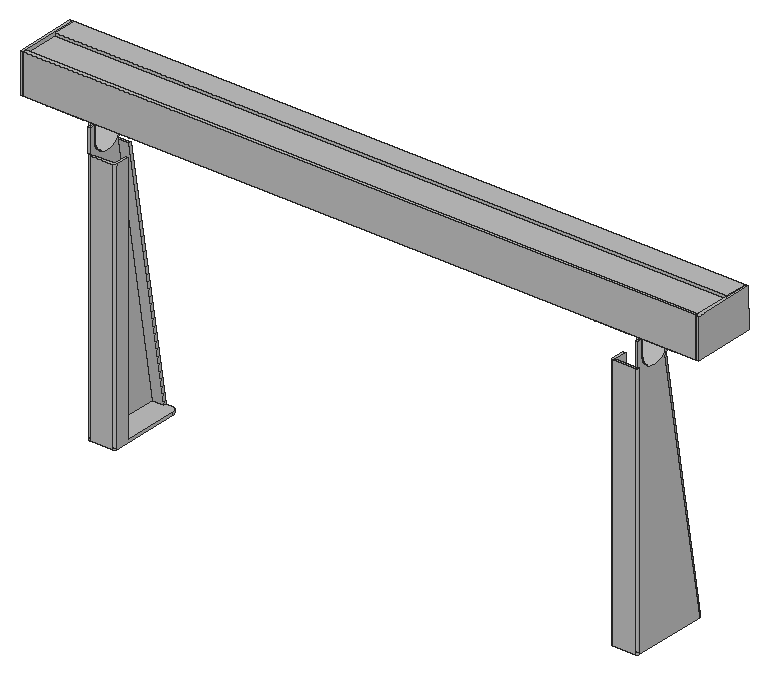
Revit family "4070748+4070747+4070772 Feilo Sylvania Lighting Fixtures CURSUS 591MM 385LM WIDE LED 4K with SINGLE WALL HOUSING with 250MM WALL BRACKET", category Lighting Fixtures, host Face, Revit 2017
Family settings
  Host = Face
  Round Connector Dimension = Use Diameter
  Part Type = Normal
  OmniClass Number = 23.80.70.14
  OmniClass Title = Luminaries for External Lighting
  Cut with Voids When Loaded = Yes
  Light Source = No
  Shared = No
  Room Calculation Point = No
Parameters (values of type "4070748 CURSUS 591MM 385LM WIDE LED 4K")
  Weight = "1.2 kg"
  Wattage Comments = "n/a"
  WarrantyStartDate [instance] = "n/a"
  WarrantyGuarantorParts = "n/a"
  WarrantyDurationUnit = "n/a"
  WarrantyDurationParts = "n/a"
  WarrantyDescription = "n/a"
  Voltage = 24 V
  URL = "http://www.sylvania-lighting.com"
  TypeName = "CURSUS 591MM 385LM WIDE LED 4K"
  TypeFixture_FEILO = CURSUS with SINGLE WALL HOUSING : CURSUS 591MM 385LM WIDE LED 4K
  Type Image = <None>
  Type Comments = "n/a"
  TiltAngle [instance] = 0.00°
  StartAngle [instance] = TiltAngle + 270.00°  # 270.00°
  SerialNumber [instance] = "n/a"
  ReflectorMaterial = none
  PowerFactor = 0
  PowerConsumption = "9 W"
  NominalLength = 591 mm
  NominalHeight = 50 mm
  NominalDepth = 30 mm
  Name = "CURSUS 591MM 385LM WIDE LED 4K"
  ModelReference = Name  # "CURSUS 591MM 385LM WIDE LED 4K"
  ModelNumber = "4070748"
  Model = Name  # "CURSUS 591MM 385LM WIDE LED 4K"
  Material = "natural anodised extruded aluminium structure housing"
  ManufacturerName = "Feilo Sylvania"
  Manufacturer = "Feilo Sylvania"
  LuminousEfficacy = "42.77 lm/W"
  LuminaireType = ""
  LightOutputRatio = "100"
  LampsType = Lamp  # "LED"
  LampNominalLuminous = "385 lm"
  LampMacAdamStep = "n/a"
  LampColourTemperature = "4000 K"
  LampColourRenderingIndex = "80"
  Lamp = "LED"
  Keynote = "16500"
  InstallationDate [instance] = "n/a"
  InputVoltage = "24V DC"
  InputNominalFrequency = "n/a"
  IngressProtection = "IP67"
  ImpactProtectionIndex = "IK07"
  IfcExportType = "IfcLightFixtureType"
  IfcExportAs = "IfcLightFixtureType"
  ExpectedLife = 50000
  EndAngle [instance] = StartAngle - 180.00°  # 90.00°
  ElectricShockClassification = "Class III"
  DurationUnit = "hours"
  DocumentationLiterature = "http://www.sylvania-lighting.com/product/en-int/products/4070748"
  DimmingControlOptions = "n/a"
  DiffuserMaterial = Diffuser-Sylvania-Glow
  Description = "LED Exterior Lighting Recessed Surface Mounted Linear Fixture, Natural anodised extruded aluminium structure. Die-cast aluminium end caps. Installation kit with harmonic steel springs., 385 lm, 9W,  42lm/W, 4000K, CRI80+,non dimmable,IP67, IK07, (HxWxD) 591x50x30mm, 3 step Mac Adam Ellipse, 1.2kg,, Classe III, 21-25V-DC, energy class : A++, A+, A"
  Default Elevation = 1219.2 mm
  CreatedOn = "1/8/2018"
  CreatedBy = ""
  Cost = 0
  built-in parameter 1114216 [instance] = (empty or 0)
  ClassificationValue = "EF_70_80"
  ClassificationName = "Uniclass2015"
  BracketWidth = 24 mm
  BracketThickness = 2 mm
  BracketHeightEnd = 32 mm
  BracketHeight = 70 mm
  BracketFlange = BracketHeight / 5  # 14 mm
  BracketExtension = 250 mm
  BracketEndReduction = 25 mm
  BracketC = 22 mm  # constant formula
  BracketDistance = 460 mm
  BracketD = BracketHeightEnd - (BracketC * (BracketHeight - BracketHeightEnd) / (BracketExtension - BracketEndReduction))  # 28.284 mm
  BodyMaterial = Body-Sylvania-Gray
  BarCode [instance] = "n/a"
  AssetType = "Fixed"
  AssetIdentifier [instance] = "n/a"
  Assembly Code = "D5020200"
  Apparent Load = 9 VA
  AccessoryMaterial = Diffuser-Sylvania-Glow
Reference planes
  plane 1 "Center (Front/Back)": y = 0
  plane 2: z = 0
  plane 3 "Center (Left/Right)": x = 0
  plane 4: x = -242
  plane 5: x = 242
  plane 6: y = 70
  plane 7: x = -218
  plane 8: x = 218
  plane 9: z = 250
  plane 10: z = 236
  plane 11: z = 2
  plane 12: z = 225
  plane 13: x = -240
  plane 14: y = 68
  plane 15: y = 2
  plane 16: x = -220
  plane 17: x = 220
  plane 18: x = 240
  plane 19: x = -230
  plane 20: x = 230
  plane 21: y = 14
  plane 22: y = 32
  plane 23: y = 30
  plane 24: z = 247
  plane 25: y = 28.284
  plane 26: y = 16
Forms (mm)
  Blend 1, solid, material "Body-Sylvania-Gray" <- "BodyMaterial"
    base sketch origin (1223.4, -4572, 2) x (0, -1, 0) y (1, 0, 0)
      loop
        line (-4640, -1453.4) -> (-4642, -1453.4) -> (-4642, -1463.4)
        arc (-4642, -1463.4) -> (-4641.414, -1464.814) -> (-4640, -1465.4) r 2
        line (-4640, -1465.4) -> (-4574, -1465.4)
        arc (-4574, -1465.4) -> (-4572.586, -1464.814) -> (-4572, -1463.4) r 2
        line (-4572, -1463.4) -> (-4572, -1443.4)
        arc (-4572, -1443.4) -> (-4572.586, -1441.986) -> (-4574, -1441.4) r 2
        line (-4574, -1441.4) -> (-4586, -1441.4) -> (-4586, -1443.4) -> (-4574, -1443.4) -> (-4574, -1463.4) -> (-4640, -1463.4) -> (-4640, -1453.4)
    top sketch origin (1223.4, -4572, 2) x (0, -1, 0) y (1, 0, 0)
      loop
        line (-4586, -1443.4) -> (-4574, -1443.4) -> (-4574, -1463.4) -> (-4602, -1463.4) -> (-4602, -1453.4) -> (-4604, -1453.4) -> (-4604, -1463.4)
        arc (-4604, -1463.4) -> (-4603.52, -1464.71) -> (-4602.309, -1465.4) r 2.028
        line (-4602.309, -1465.4) -> (-4574, -1465.4)
        arc (-4574, -1465.4) -> (-4572.586, -1464.814) -> (-4572, -1463.4) r 2
        line (-4572, -1463.4) -> (-4572, -1443.4)
        arc (-4572, -1443.4) -> (-4572.586, -1441.986) -> (-4574, -1441.4) r 2
        line (-4574, -1441.4) -> (-4586, -1441.4) -> (-4586, -1443.4)
    from 0 to 223
  Extrusion 2, solid, material "Body-Sylvania-Gray" <- "BodyMaterial"
    sketch origin (0, 0, 0) x (1, 0, 0) y (0, 1, 0)
      loop
        arc (-240, 70) -> (-241.414, 69.414) -> (-242, 68) r 2
        line (-242, 68) -> (-242, 2)
        arc (-242, 2) -> (-241.414, 0.586) -> (-240, 0) r 2
        line (-240, 0) -> (-220, 0)
        arc (-220, 0) -> (-218.586, 0.586) -> (-218, 2) r 2
        line (-218, 2) -> (-218, 62.5)
        arc (-218, 62.5) -> (-220.197, 67.803) -> (-225.5, 70) r 7.5
        line (-225.5, 70) -> (-240, 70)
      loop
        line (240, 70) -> (225.5, 70)
        arc (225.5, 70) -> (220.197, 67.803) -> (218, 62.5) r 7.5
        line (218, 62.5) -> (218, 2)
        arc (218, 2) -> (218.586, 0.586) -> (220, 0) r 2
        line (220, 0) -> (240, 0)
        arc (240, 0) -> (241.414, 0.586) -> (242, 2) r 2
        line (242, 2) -> (242, 68)
        arc (242, 68) -> (241.414, 69.414) -> (240, 70) r 2
    from 0 to 2
  Blend 3, solid, material "Body-Sylvania-Gray" <- "BodyMaterial"
    base sketch origin (1223.4, -4572, 2) x (0, -1, 0) y (1, 0, 0)
      loop
        line (-4640, -983.4) -> (-4574, -983.4) -> (-4574, -1003.4) -> (-4586, -1003.4) -> (-4586, -1005.4) -> (-4574, -1005.4)
        arc (-4574, -1005.4) -> (-4572.586, -1004.814) -> (-4572, -1003.4) r 2
        line (-4572, -1003.4) -> (-4572, -983.4)
        arc (-4572, -983.4) -> (-4572.586, -981.986) -> (-4574, -981.4) r 2
        line (-4574, -981.4) -> (-4640, -981.4)
        arc (-4640, -981.4) -> (-4641.414, -981.986) -> (-4642, -983.4) r 2
        line (-4642, -983.4) -> (-4642, -993.4) -> (-4640, -993.4) -> (-4640, -983.4)
    top sketch origin (1223.4, -4572, 2) x (0, -1, 0) y (1, 0, 0)
      loop
        line (-4602, -993.4) -> (-4602, -983.4) -> (-4574, -983.4) -> (-4574, -1003.4) -> (-4586, -1003.4) -> (-4586, -1005.4) -> (-4574, -1005.4)
        arc (-4574, -1005.4) -> (-4572.586, -1004.814) -> (-4572, -1003.4) r 2
        line (-4572, -1003.4) -> (-4572, -983.4)
        arc (-4572, -983.4) -> (-4572.586, -981.986) -> (-4574, -981.4) r 2
        line (-4574, -981.4) -> (-4602, -981.4)
        arc (-4602, -981.4) -> (-4603.414, -981.986) -> (-4604, -983.4) r 2
        line (-4604, -983.4) -> (-4604, -993.4) -> (-4602, -993.4)
    from 0 to 223
  Blend 4, solid, material "Body-Sylvania-Gray" <- "BodyMaterial"
    base sketch origin (1223.4, -4572, 225) x (0, -1, 0) y (1, 0, 0)
      loop
        line (-4604, -1465.4) -> (-4572, -1465.4) -> (-4572, -1463.4) -> (-4604, -1463.4) -> (-4604, -1465.4)
    top sketch origin (1223.4, -4572, 225) x (0, -1, 0) y (1, 0, 0)
      loop
        line (-4572, -1465.4) -> (-4572, -1463.4) -> (-4600.284, -1463.4) -> (-4600.284, -1465.4) -> (-4572, -1465.4)
    from 0 to 22
  Blend 5, solid, material "Body-Sylvania-Gray" <- "BodyMaterial"
    base sketch origin (1223.4, -4572, 225) x (0, -1, 0) y (1, 0, 0)
      loop
        line (-4604, -983.4) -> (-4572, -983.4) -> (-4572, -981.4) -> (-4604, -981.4) -> (-4604, -983.4)
    top sketch origin (1223.4, -4572, 225) x (0, -1, 0) y (1, 0, 0)
      loop
        line (-4572, -981.4) -> (-4600.284, -981.4) -> (-4600.284, -983.4) -> (-4572, -983.4) -> (-4572, -981.4)
    from 0 to 22
  Extrusion 6, void
    sketch origin (0, 0, 0) x (0, 1, 0) y (0, 0, 1)
      loop
        line (0, 225) -> (2, 225) -> (2, 226.5) -> (0, 226.5) -> (0, 225)
      loop
        line (32, 225) -> (32, 226.5) -> (30, 226.5) -> (30, 225) -> (32, 225)
    from -242 to 242
  Revolve 7, solid, not visible
    sketch origin (1524, 16, 1219.2) x (1, 0, 0) y (0, 0, 1)
      loop
        line (-1524, -972.2) -> (-1524, -983.2) -> (-1294, -983.2) -> (-1294, -972.2) -> (-1524, -972.2)
      axis (-1294, -983.2) -> (-1524, -983.2)
    angle from 270 <- "StartAngle" to 90 <- "EndAngle"
Cuts and joins
  Extrusion 6 cuts Blend 4
  Extrusion 6 cuts Blend 5
  joined: Blend 1, Extrusion 2, Blend 3, Blend 4, Blend 5
Lines and regions (mm)
  reference lines, not visible
    curve 1: line (-218, 16, 236) -> (218, 16, 236)
Dimensions and locks
  equal spacing: plane 4, plane 3 "Center (Left/Right)", plane 5
  "BracketDistance": plane 19 to plane 20
  "BracketHeight": plane 1 "Center (Front/Back)" to plane 6
  equal spacing: plane 7, plane 3 "Center (Left/Right)", plane 8
  "BracketWidth": plane 4 to plane 7
  "BracketExtension": plane 9 to plane 2
  "BracketThickness": plane 11 to plane 2
  "BracketEndReduction": plane 9 to plane 12
  equal spacing: plane 13, plane 3 "Center (Left/Right)", plane 18
  equal spacing: plane 16, plane 3 "Center (Left/Right)", plane 17
  "BracketThickness": plane 4 to plane 13
  "BracketThickness": plane 16 to plane 7
  "BracketThickness": plane 14 to plane 6
  "BracketThickness": plane 1 "Center (Front/Back)" to plane 15
  equal spacing: plane 4, plane 19, plane 7
  equal spacing: plane 8, plane 20, plane 5
  "BracketFlange": plane 1 "Center (Front/Back)" to plane 21
  "BracketHeightEnd": plane 1 "Center (Front/Back)" to plane 22
  "BracketThickness": plane 23 to plane 22
  locked: Extrusion 2 sketch curve to plane 7 at 7.5
  locked: Extrusion 2 sketch curve to plane 6 at 7.5  (x2)
  locked: plane 8 to Extrusion 2 sketch curve at 7.5
  "BracketC": plane 24 to plane 12
  "BracketD": plane 1 "Center (Front/Back)" to plane 25
  locked: plane 12 to Extrusion 6 sketch curve at 1.5
  equal spacing: plane 24, plane 10, plane 12
  equal spacing: plane 1 "Center (Front/Back)", plane 26, plane 22
  aligned and locked: plane 2 to host face
  aligned and locked: level to host face
  aligned and locked: plane 4 to Blend 1 sketch curve  (x2)
  aligned and locked: plane 13 to Blend 1 sketch curve  (x3)
  aligned and locked: Blend 1 sketch curve to plane 15
  aligned and locked: Blend 1 sketch curve to plane 16
  aligned and locked: Blend 1 sketch curve to plane 21
  aligned and locked: plane 7 to Blend 1 sketch curve
  aligned and locked: plane 16 to Blend 1 sketch curve
  aligned and locked: plane 1 "Center (Front/Back)" to Blend 1 sketch curve
  aligned and locked: plane 14 to Blend 1 sketch curve
  aligned and locked: Blend 1 sketch curve to var sketch  (x6)
  aligned and locked: Blend 1 sketch curve to plane 19
  aligned and locked: Blend 1 sketch curve to plane 22
  aligned and locked: plane 23 to Blend 1 sketch curve
  aligned and locked: plane 11 to Blend 1
  aligned and locked: Extrusion 2 sketch curve to Blend 1  (x3)
  aligned and locked: Extrusion 2 to level
  aligned and locked: Extrusion 2 to plane 11
  aligned and locked: Extrusion 2 sketch curve to plane 7
  aligned and locked: plane 18 to Blend 3 sketch curve  (x4)
  aligned and locked: plane 14 to Blend 3 sketch curve  (x2)
  aligned and locked: Blend 3 sketch curve to plane 20
  aligned and locked: Blend 3 sketch curve to plane 6
  aligned and locked: plane 5 to Blend 3 sketch curve
  aligned and locked: plane 1 "Center (Front/Back)" to Blend 3 sketch curve
  aligned and locked: plane 15 to Blend 3 sketch curve  (x2)
  aligned and locked: Blend 3 sketch curve to plane 8
  aligned and locked: Blend 3 sketch curve to plane 21
  aligned and locked: plane 17 to Blend 3 sketch curve
  aligned and locked: Blend 3 sketch curve to plane 18
  aligned and locked: plane 20 to Blend 3 sketch curve  (x2)
  aligned and locked: Blend 3 sketch curve to plane 23
  aligned and locked: Blend 3 sketch curve to var sketch  (x8)
  aligned and locked: var sketch to Blend 3 sketch curve
  aligned and locked: plane 22 to Blend 3 sketch curve
  aligned and locked: plane 11 to Blend 3
  aligned and locked: Extrusion 2 sketch curve to Blend 3  (x4)
  aligned and locked: Blend 1 to plane 12
  aligned and locked: Blend 3 to plane 12
  aligned and locked: Blend 4 sketch curve to plane 22
  aligned and locked: Blend 4 sketch curve to cut or joined group of Blend 1, Extrusion 2, Blend 3, Blend 4, Blend 5, Extrusion 6  (x2)
  aligned and locked: cut or joined group of Blend 1, Extrusion 2, Blend 3, Blend 4, Blend 5, Extrusion 6 to Blend 4 sketch curve
  aligned and locked: Blend 4 sketch curve to var sketch  (x2)
  aligned and locked: Blend 4 sketch curve to plane 13
  aligned and locked: Blend 4 to plane 24
  aligned and locked: Blend 4 sketch curve to plane 25
  aligned and locked: Blend 5 sketch curve to plane 18  (x2)
  aligned and locked: plane 1 "Center (Front/Back)" to Blend 5 sketch curve
  aligned and locked: plane 5 to Blend 5 sketch curve
  aligned and locked: plane 22 to Blend 5 sketch curve
  aligned and locked: Blend 5 sketch curve to var sketch
  aligned and locked: var sketch to Blend 5 sketch curve
  aligned and locked: Blend 5 sketch curve to plane 25
  aligned and locked: Blend 5 to plane 24
  aligned and locked: plane 12 to Blend 5
  aligned and locked: Extrusion 6 sketch curve to cut or joined group of Blend 1, Extrusion 2, Blend 3, Blend 4, Blend 5, Extrusion 6  (x2)
  aligned and locked: Extrusion 6 sketch curve to Extrusion 6 sketch curve
  aligned and locked: Extrusion 6 sketch curve to plane 15
  aligned and locked: plane 5 to Extrusion 6
  aligned and locked: Extrusion 6 to plane 4
  aligned and locked: Extrusion 6 sketch curve to plane 23
  aligned and locked: Revolve 7 sketch curve to plane 10  (x2)
  aligned and locked: plane 24 to Revolve 7 sketch curve
  aligned and locked: plane 3 "Center (Left/Right)" to Revolve 7 sketch curve
  aligned and locked: Revolve 7 sketch curve to plane 20
  aligned and locked: plane 7 to curve 1
  aligned and locked: plane 10 to curve 1
  aligned and locked: nested 1 to plane 5
  aligned and locked: nested 2 to plane 4
  aligned and locked: nested 1 to curve 1
  aligned and locked: nested 2 to curve 1
  aligned and locked: nested 1 to nested 3
  aligned and locked: nested 3 to plane 3 "Center (Left/Right)"
Automatic sketch dimensions
  host sketch curve to host sketch curve = 2438.4 mm  (x2)
  Blend 1 sketch curve to plane 13 = 0 mm
  plane 15 to Blend 1 sketch curve = 0 mm  (x3)
  Blend 1 sketch curve to plane 23 = 0.309 mm
  plane 6 to Blend 1 sketch curve = 0 mm
  plane 14 to Blend 1 sketch curve = 0 mm
  Blend 1 sketch curve to plane 19 = 0 mm
  Blend 3 sketch curve to plane 17 = 0 mm
  Extrusion 6 sketch curve to plane 1 "Center (Front/Back)" = 0 mm
  plane 12 to Extrusion 6 sketch curve = 0 mm
  Revolve 7 sketch curve to plane 4 = 1153 mm
  plane 5 to Revolve 7 sketch curve = 1161.4 mm
  curve 1 to plane 8 = 0 mm
Nested families
  nested 1: "MountingPlate" at (241, 16, 236) x (-1, 0, 0) z (0, 0, 1), type "MountingPlate"
  nested 2: "MountingPlate" at (-241, 16, 236) x (-1, 0, 0) z (0, 0, 1), type "MountingPlate"
  nested 3: "CURSUS with SINGLE WALL HOUSING" at (0, -4, 254) x (-1, 0, 0) z (0, 0, 1), type <- "TypeFixture_FEILO", type "CURSUS 591MM 385LM WIDE LED 4K"
    with WarrantyStartDate "n/a", SerialNumber "n/a", InstallationDate "n/a", EndCapRight yes, EndCapLeft yes, built-in parameter 1114216 (empty or 0), BarCode "n/a", AssetIdentifier "n/a"
Connectors
  electrical at (0, 0, 0), driven by "Voltage", driven by "Apparent Load", driven by "PowerFactor"
    settings: index 1, voltage 24 V, apparent load 9 VA, apparent load phase1 0 VA, apparent load phase2 0 VA, apparent load phase3 0 VA, power factor 0, load classification "Other", number of poles 1, system type 30, power factor state 1, is connector primary yes, connector utility no, sub classification motor no, connector description ""
Definition of nested family "MountingPlate"
  Parameters (values of type "MountingPlate")
    URL = "http://www.feilosylvania.com"
    Type Comments = "n/a"
    ReflectorMaterial = none
    MountingPlateWidth = 76 mm
    MountingPlateThickness = 2 mm
    MountingPlateRadiusBack = 12 mm
    MountingPlateRadius = 3 mm
    MountingPlateHeight = 35 mm
    Model = "n/a"
    Manufacturer = "Feilo Sylvania"
    Keynote = "n/a"
    DiffuserMaterial = none
    Description = "n/a"
    Default Elevation = 1219.2 mm
    Cost = 0
    BodyMaterial = none
    Assembly Code = "n/a"
    AccessoryMaterial = none
  Reference planes
    plane 1 "Center (Front/Back)": y = 0
    plane 2: z = 0
    plane 3 "Center (Left/Right)": x = 0
    plane 4: x = -38
    plane 5: x = 38
    plane 6: y = 17.5
    plane 7: y = -17.5
    plane 8: x = -3
    plane 9: x = 3
    plane 10: z = 18
    plane 11: z = 16
    plane 12: y = 12.5
    plane 13: y = -12.5
    plane 14: x = -1
    plane 15: x = 1
    plane 16: z = -12.5
    plane 17: z = -14.5
  Forms (mm)
    Extrusion 1, solid
      sketch origin (1.653, 0, 0) x (1, 0, 0) y (0, 1, 0)
        loop
          line (-1219.2, 1219.2) -> (-1219.2, -1219.2) -> (1219.2, -1219.2) -> (1219.2, 1219.2) -> (-1219.2, 1219.2)
      from 0 to -304.8
    Extrusion 2, solid, material <- "BodyMaterial"
      sketch origin (1218.4, -4572, 16) x (0, -1, 0) y (-1, 0, 0)
        loop
          line (-4589.5, 1253.4) -> (-4589.5, 1224.4)
          arc (-4589.5, 1224.4) -> (-4588.621, 1222.279) -> (-4586.5, 1221.4) r 3
          line (-4586.5, 1221.4) -> (-4557.5, 1221.4)
          arc (-4557.5, 1221.4) -> (-4555.379, 1222.279) -> (-4554.5, 1224.4) r 3
          line (-4554.5, 1224.4) -> (-4554.5, 1253.4)
          arc (-4554.5, 1253.4) -> (-4555.379, 1255.521) -> (-4557.5, 1256.4) r 3
          line (-4557.5, 1256.4) -> (-4586.5, 1256.4)
          arc (-4586.5, 1256.4) -> (-4588.621, 1255.521) -> (-4589.5, 1253.4) r 3
        loop
          arc (-4589.5, 1183.4) -> (-4588.621, 1181.279) -> (-4586.5, 1180.4) r 3
          line (-4586.5, 1180.4) -> (-4557.5, 1180.4)
          arc (-4557.5, 1180.4) -> (-4555.379, 1181.279) -> (-4554.5, 1183.4) r 3
          line (-4554.5, 1183.4) -> (-4554.5, 1212.4)
          arc (-4554.5, 1212.4) -> (-4555.379, 1214.521) -> (-4557.5, 1215.4) r 3
          line (-4557.5, 1215.4) -> (-4586.5, 1215.4)
          arc (-4586.5, 1215.4) -> (-4588.621, 1214.521) -> (-4589.5, 1212.4) r 3
          line (-4589.5, 1212.4) -> (-4589.5, 1183.4)
      from 0 to -2
    Extrusion 3, solid, material <- "BodyMaterial"
      sketch origin (0, 0, 0) x (1, 0, 0) y (0, 0, 1)
        loop
          line (-3, 18) -> (-3, -12.5) -> (-1, -12.5) -> (-1, 16)
          arc (-1, 16) -> (-1.586, 17.414) -> (-3, 18) r 2
        loop
          line (3, -12.5) -> (3, 18)
          arc (3, 18) -> (1.586, 17.414) -> (1, 16) r 2
          line (1, 16) -> (1, -12.5) -> (3, -12.5)
      from -12.5 to 12.5
    Extrusion 4, void
      sketch origin (0, 0, 0) x (0, 1, 0) y (0, 0, 1)
        loop
          line (-12.5, -0.5) -> (-17.5, -0.5) -> (-17.5, -14.5) -> (-0.5, -14.5) -> (-0.5, -12.5)
          arc (-0.5, -12.5) -> (-8.985, -8.985) -> (-12.5, -0.5) r 12
        loop
          line (0.5, -12.5) -> (0.5, -14.5) -> (17.5, -14.5) -> (17.5, -0.5) -> (12.5, -0.5)
          arc (12.5, -0.5) -> (8.985, -8.985) -> (0.5, -12.5) r 12
      from -3 to 3
  Cuts and joins
    Extrusion 4 cuts Extrusion 2
    Extrusion 4 cuts Extrusion 3
    joined: Extrusion 2, Extrusion 3
  Lines and regions (mm)
    reference lines
      curve 1: line (-38, 0, 0) -> (38, 0, 0)
  Dimensions and locks
    equal spacing: plane 4, plane 3 "Center (Left/Right)", plane 5
    "MountingPlateWidth": plane 4 to plane 5
    equal spacing: plane 7, plane 1 "Center (Front/Back)", plane 6
    "MountingPlateHeight": plane 7 to plane 6
    equal spacing: plane 8, plane 3 "Center (Left/Right)", plane 9
    "MountingPlateHeight": plane 4 to plane 8
    locked: plane 10 to plane 2 at 18
    "MountingPlateThickness": plane 10 to plane 11
    equal spacing: plane 13, plane 1 "Center (Front/Back)", plane 12
    locked: plane 13 to plane 12 at 25
    "MountingPlateRadius": plane 4 to Extrusion 2 sketch curve  (x2)
    "MountingPlateRadius": Extrusion 2 sketch curve to plane 6  (x4)
    "MountingPlateRadius": Extrusion 2 sketch curve to plane 8  (x2)
    "MountingPlateRadius": plane 7 to Extrusion 2 sketch curve  (x4)
    "MountingPlateRadius": plane 9 to Extrusion 2 sketch curve  (x2)
    "MountingPlateRadius": Extrusion 2 sketch curve to plane 5  (x2)
    equal spacing: plane 15, plane 3 "Center (Left/Right)", plane 14
    "MountingPlateThickness": plane 14 to plane 8
    locked: plane 2 to plane 16 at 12.5
    locked: plane 17 to plane 16 at 2
    "MountingPlateRadiusBack": plane 13 to Extrusion 4 sketch curve
    "MountingPlateRadiusBack": plane 16 to Extrusion 4 sketch curve  (x2)
    "MountingPlateRadiusBack": Extrusion 4 sketch curve to plane 12
    aligned and locked: plane 2 to Extrusion 1
    aligned and locked: level to Extrusion 1
    aligned and locked: Extrusion 2 sketch curve to plane 6
    aligned and locked: Extrusion 2 sketch curve to plane 4
    aligned and locked: plane 7 to Extrusion 2 sketch curve
    aligned and locked: plane 8 to Extrusion 2 sketch curve
    aligned and locked: plane 6 to Extrusion 2 sketch curve
    aligned and locked: Extrusion 2 sketch curve to plane 5
    aligned and locked: Extrusion 2 sketch curve to plane 7
    aligned and locked: plane 9 to Extrusion 2 sketch curve
    aligned and locked: Extrusion 2 to plane 10
    aligned and locked: plane 11 to Extrusion 2
    aligned and locked: Extrusion 3 sketch curve to Extrusion 2  (x2)
    aligned and locked: plane 16 to Extrusion 3 sketch curve  (x2)
    aligned and locked: plane 14 to Extrusion 3 sketch curve
    aligned and locked: plane 9 to Extrusion 3 sketch curve
    aligned and locked: plane 15 to Extrusion 3 sketch curve
    aligned and locked: Extrusion 3 to plane 12
    aligned and locked: plane 13 to Extrusion 3
    aligned and locked: plane 17 to Extrusion 4 sketch curve  (x2)
    aligned and locked: Extrusion 4 sketch curve to plane 7
    aligned and locked: Extrusion 4 sketch curve to plane 6
    aligned and locked: plane 9 to Extrusion 4
    aligned and locked: Extrusion 4 to plane 8
    aligned and locked: plane 4 to curve 1
    aligned and locked: curve 1 to level
  Automatic sketch dimensions
    Extrusion 1 sketch curve to Extrusion 1 sketch curve = 2438.4 mm  (x2)
    Extrusion 3 sketch curve to plane 11 = 0 mm
    curve 1 to plane 5 = 0 mm
    Extrusion 4 sketch curve to plane 13 = 0 mm
    Extrusion 4 sketch curve to plane 12 = 0 mm
Definition of nested family "CURSUS with SINGLE WALL HOUSING"
  Parameters (values of type "CURSUS 1161MM 827LM OVAL LED 3K")
    Width_FEILO = 35 mm
    Weight = "2.2 kg"
    Wattage Comments = "n/a"
    Wattage = 18 W
    WarrantyStartDate [instance] = "n/a"
    WarrantyGuarantorParts = "n/a"
    WarrantyDurationUnit = "n/a"
    WarrantyDurationParts = "n/a"
    WarrantyDescription = "n/a"
    WallThickness_FEILO = 2.5 mm
    built-in parameter 1150110 = 1 (stored number, unit not read)
    Voltage = 24 V
    URL = "http://www.feilosylvania.com"
    TypeName = "CURSUS 1161MM 827LM OVAL LED 3K"
    Type Image = (empty or 0)
    Type Comments = "n/a"
    built-in parameter 1114217 = 1 (stored number, unit not read)
    Tilt Angle = -90.00°
    built-in parameter 1150109 = 1 (stored number, unit not read)
    built-in parameter 1150134 = (empty or 0)
    built-in parameter 1150113 = 1 (stored number, unit not read)
    SerialNumber [instance] = "n/a"
    ReflectorMaterial = none
    PowerFactor = 0
    PowerConsumption = "18 W"
    Photometric Web File = "4070765.ies"
    NominalLength = 1161 mm
    NominalHeight = 50 mm
    NominalDepth = 30 mm
    Name = "CURSUS 1161MM 827LM OVAL LED 3K"
    ModelReference = Name  # "CURSUS 1161MM 827LM OVAL LED 3K"
    ModelNumber = ""
    Model = Name  # "CURSUS 1161MM 827LM OVAL LED 3K"
    Material = "natural anodised extruded aluminium structure housing, optical system with pmma lenses diffuser"
    ManufacturerName = "Feilo Sylvania"
    Manufacturer = "Feilo Sylvania"
    LuminousEfficacy = "45.94 lm/W"
    built-in parameter 1150105 = 1166.5 (stored number, unit not read)
    Lumens = 827 lm
    LuminaireType = ""
    built-in parameter 1150115 = 1 (stored number, unit not read)
    LightOutputRatio = "100"
    built-in parameter 1150137 = (empty or 0)
    built-in parameter 1150139 = (empty or 0)
    Length_FEILO = 1167 mm
    LampsType = Lamp  # "LED"
    LampNominalLuminous = "827 lm"
    LampMacAdamStep = "n/a"
    LampColourTemperature = "3000 K"
    LampColourRenderingIndex = "80"
    built-in parameter 1150112 = 1 (stored number, unit not read)
    built-in parameter 1150114 = 1 (stored number, unit not read)
    Lamp = "LED"
    Keynote = "16500"
    InstallationDate [instance] = "n/a"
    InputVoltage = "24V DC"
    InputNominalFrequency = "n/a"
    built-in parameter 1150132 = (empty or 0)
    built-in parameter 1150102 = (empty or 0)
    built-in parameter 1150107 = 3000 (stored number, unit not read)
    built-in parameter 1150138 = (empty or 0)
    IngressProtection = "IP67"
    ImpactProtectionIndex = "IK07"
    built-in parameter 1150106 = 11.665 (stored number, unit not read)
    IfcExportType = "IfcLightFixtureType"
    IfcExportAs = "IfcLightFixtureType"
    ExpectedLife = 50000
    EndCapRight [instance] = yes
    EndCapLeft [instance] = yes
    Emit from Rectangle Width = Width_FEILO - WallThickness_FEILO * 2  # 30 mm
    Emit from Rectangle Length = Length_FEILO - WallThickness_FEILO * 2  # 1162 mm
    Emit Shape Visible in Rendering = no
    ElectricShockClassification = "Class III"
    built-in parameter 1150104 = 4.2684 (stored number, unit not read)
    DurationUnit = "hours"
    DocumentationLiterature = "http://www.feilosylvania.com/product/en-int/products/4070765"
    DimmingControlOptions = "n/a"
    Dimming Lamp Color Temperature Shift = (empty or 0)
    DiffuserMaterial = none
    Description = "LED Exterior Lighting Recessed Surface Mounted Linear Fixture, Natural anodised extruded aluminium structure. Die-cast aluminium end caps. Installation kit with harmonic steel springs., 827 lm, 18W, 45lm/W, 3000K, CRI80+,non dimmable,IP67, IK07, (HxWxD) 1161x50x30mm, 3 step Mac Adam Ellipse, 2.2kg,, Classe III, 21-25V-DC, energy class : A++, A+, A"
    Default Elevation = 1219.2 mm
    CreatedOn = "1/8/2018"
    CreatedBy = "aron.fodor@feilosylvania.com"
    Cost = 0
    Color Filter = 16777215
    built-in parameter 1114216 [instance] = (empty or 0)
    ClassificationValue = "EF_70_80"
    ClassificationName = "Uniclass2015"
    BodyMaterial = none
    BarCode [instance] = "n/a"
    built-in parameter 1114218 = 1 (stored number, unit not read)
    built-in parameter 1150133 = 10 (stored number, unit not read)
    AssetType = "Fixed"
    AssetIdentifier [instance] = "n/a"
    Assembly Code = "D5020200"
    Apparent Load = 18 VA
    AccessoryMaterial = none
  Types (16, lengths in mm): name | Weight | Wattage | Voltage | TypeName | built-in parameter 1150134 | PowerConsumption | Photometric Web File | NominalLength | Name | ModelReference | Model | Material | LuminousEfficacy | built-in parameter 1150105 | Lumens | Length_FEILO | LampNominalLuminous | LampColourTemperature | InputVoltage | InputNominalFrequency | built-in parameter 1150107 | built-in parameter 1150106 | Emit from Rectangle Length | built-in parameter 1150104 | DocumentationLiterature | Description | Apparent Load
    CURSUS 1161MM 827LM OVAL LED 3K | "2.2 kg" | 18 W | 24 V | "CURSUS 1161MM 827LM OVAL LED 3K" | (empty or 0) | "18 W" | "4070765.ies" | 1161 | "CURSUS 1161MM 827LM OVAL LED 3K" | "CURSUS 1161MM 827LM OVAL LED 3K" | "CURSUS 1161MM 827LM OVAL LED 3K" | "natural anodised extruded aluminium structure housing, optical system with pmma lenses diffuser" | "45.94 lm/W" | 1166.5 (stored number, unit not read) | 827 lm | 1167 | "827 lm" | "3000 K" | "24V DC" | "n/a" | 3000 (stored number, unit not read) | 11.665 (stored number, unit not read) | 1162 | 4.2684 (stored number, unit not read) | "http://www.feilosylvania.com/product/en-int/products/4070765" | "LED Exterior Lighting Recessed Surface Mounted Linear Fixture, Natural anodised extruded aluminium structure. Die-cast aluminium end caps. Installation kit with harmonic steel springs., 827 lm, 18W, 45lm/W, 3000K, CRI80+,non dimmable,IP67, IK07, (HxWxD) 1161x50x30mm, 3 step Mac Adam Ellipse, 2.2kg,, Classe III, 21-25V-DC, energy class : A++, A+, A" | 18 VA
    CURSUS 1161MM 731LM WIDE LED 3K | "2.2 kg" | 18 W | 230 V | "CURSUS 1161MM 731LM WIDE LED 3K" | (empty or 0) | "18 W" | "4070764.ies" | 1161 | "CURSUS 1161MM 731LM WIDE LED 3K" | "CURSUS 1161MM 731LM WIDE LED 3K" | "CURSUS 1161MM 731LM WIDE LED 3K" | "natural anodised extruded aluminium structure housing" | "40.61 lm/W" | 403.47 (stored number, unit not read) | 731 lm | 1167 | "731 lm" | "3000 K" | "220-240V~" | "n/a" | 3000 (stored number, unit not read) | 4.0347 (stored number, unit not read) | 1162 | 3.7729 (stored number, unit not read) | "http://www.feilosylvania.com/product/en-int/products/4070764" | "LED Exterior Lighting Recessed Surface Mounted Linear Fixture, Natural anodised extruded aluminium structure. Die-cast aluminium end caps. Installation kit with harmonic steel springs., 731 lm, 18W, 40lm/W, 3000K, CRI80+,non dimmable,IP67, IK07, (HxWxD) 1161x50x30mm, 3 step Mac Adam Ellipse, 2.2kg,, Classe III, 21-25V-DC, energy class : A++, A+, A" | 18 VA
    CURSUS 1161MM 871LM OVAL LED 4K | "2.2 kg" | 18 W | 24 V | "CURSUS 1161MM 871LM OVAL LED 4K" | 12 | "18 W" | "4070763.ies" | 1161 | "CURSUS 1161MM 871LM OVAL LED 4K" | "CURSUS 1161MM 871LM OVAL LED 4K" | "CURSUS 1161MM 871LM OVAL LED 4K" | "natural anodised extruded aluminium structure housing, optical system with pmma lenses diffuser" | "48.38 lm/W" | 1192.8 (stored number, unit not read) | 871 lm | 1167 | "871 lm" | "4000 K" | "24V DC" | "50/60 Hz" | 4000 (stored number, unit not read) | 11.928 (stored number, unit not read) | 1162 | 4.4955 (stored number, unit not read) | "http://www.feilosylvania.com/product/en-int/products/4070763" | "LED Exterior Lighting Recessed Surface Mounted Linear Fixture, Natural anodised extruded aluminium structure. Die-cast aluminium end caps. Installation kit with harmonic steel springs., 871 lm, 18W,  48lm/W, 4000K, CRI80+,non dimmable,IP67, IK07, (HxWxD) 1161x50x30mm, 3 step Mac Adam Ellipse, 2.2kg,, Classe III, 21-25V-DC, energy class : A++, A+, A" | 18 VA
    CURSUS 1161MM 770LM WIDE LED 4K | "2.2 kg" | 18 W | 230 V | "CURSUS 1161MM 770LM WIDE LED 4K" | 12 | "18 W" | "4070762.ies" | 1161 | "CURSUS 1161MM 770LM WIDE LED 4K" | "CURSUS 1161MM 770LM WIDE LED 4K" | "CURSUS 1161MM 770LM WIDE LED 4K" | "natural anodised extruded aluminium structure housing" | "42.77 lm/W" | 424.94 (stored number, unit not read) | 770 lm | 1167 | "770 lm" | "4000 K" | "220-240V~" | "n/a" | 4000 (stored number, unit not read) | 4.2494 (stored number, unit not read) | 1162 | 3.9742 (stored number, unit not read) | "http://www.feilosylvania.com/product/en-int/products/4070762" | "LED Exterior Lighting Recessed Surface Mounted Linear Fixture, Natural anodised extruded aluminium structure. Die-cast aluminium end caps. Installation kit with harmonic steel springs., 770 lm, 18W,  42lm/W, 4000K, CRI80+,non dimmable,IP67, IK07, (HxWxD) 1161x50x30mm, 3 step Mac Adam Ellipse, 2.2kg,, Classe III, 21-25V-DC, energy class : A++, A+, A" | 18 VA
    CURSUS 876MM 620LM OVAL LED 3K | "1.7 kg" | 13.5 W | 24 V | "CURSUS 876MM 620LM OVAL LED 3K" | (empty or 0) | "13.5 W" | "4070758.ies" | 876 | "CURSUS 876MM 620LM OVAL LED 3K" | "CURSUS 876MM 620LM OVAL LED 3K" | "CURSUS 876MM 620LM OVAL LED 3K" | "natural anodised extruded aluminium structure housing, optical system with pmma lenses diffuser" | "45.92 lm/W" | 874.55 (stored number, unit not read) | 620 lm | 882 | "620 lm" | "3000 K" | "24V DC" | "50/60 Hz" | 3000 (stored number, unit not read) | 8.7455 (stored number, unit not read) | 877 | 4.2667 (stored number, unit not read) | "http://www.feilosylvania.com/product/en-int/products/4070758" | "LED Exterior Lighting Recessed Surface Mounted Linear Fixture, Natural anodised extruded aluminium structure. Die-cast aluminium end caps. Installation kit with harmonic steel springs., 620 lm, 13,5W, 45lm/W, 3000K, CRI80+,non dimmable,IP67, IK07, (HxWxD) 876x50x30mm, 3 step Mac Adam Ellipse, 1.7kg,, Classe III, 21-25V-DC, energy class : A++, A+, A" | 13.5 VA
    CURSUS 876MM 548LM WIDE LED 3K | "1.7 kg" | 13.5 W | 24 V | "CURSUS 876MM 548LM WIDE LED 3K" | (empty or 0) | "13.5 W" | "4070757.ies" | 876 | "CURSUS 876MM 548LM WIDE LED 3K" | "CURSUS 876MM 548LM WIDE LED 3K" | "CURSUS 876MM 548LM WIDE LED 3K" | "natural anodised extruded aluminium structure housing" | "40.59 lm/W" | 302.47 (stored number, unit not read) | 548 lm | 882 | "548 lm" | "3000 K" | "24V DC" | "n/a" | 3000 (stored number, unit not read) | 3.0247 (stored number, unit not read) | 877 | 3.7712 (stored number, unit not read) | "http://www.feilosylvania.com/product/en-int/products/4070757" | "LED Exterior Lighting Recessed Surface Mounted Linear Fixture, Natural anodised extruded aluminium structure. Die-cast aluminium end caps. Installation kit with harmonic steel springs., 548 lm, 13,5W, 40lm/W, 3000K, CRI80+,non dimmable,IP67, IK07, (HxWxD) 876x50x30mm, 3 step Mac Adam Ellipse, 1.7kg,, Classe III, 21-25V-DC, energy class : A++, A+, A" | 13.5 VA
    CURSUS 876MM 653LM OVAL LED 4K | "1.7 kg" | 13.5 W | 24 V | "CURSUS 876MM 653LM OVAL LED 4K" | 12 | "13.5 W" | "4070756.ies" | 876 | "CURSUS 876MM 653LM OVAL LED 4K" | "CURSUS 876MM 653LM OVAL LED 4K" | "CURSUS 876MM 653LM OVAL LED 4K" | "natural anodised extruded aluminium structure housing, optical system with pmma lenses diffuser" | "48.37 lm/W" | 894.28 (stored number, unit not read) | 653 lm | 882 | "653 lm" | "4000 K" | "24V DC" | "n/a" | 4000 (stored number, unit not read) | 8.9428 (stored number, unit not read) | 877 | 4.4938 (stored number, unit not read) | "http://www.feilosylvania.com/product/en-int/products/4070756" | "LED Exterior Lighting Recessed Surface Mounted Linear Fixture, Natural anodised extruded aluminium structure. Die-cast aluminium end caps. Installation kit with harmonic steel springs., 653 lm, 13,5W,  48lm/W, 4000K, CRI80+,non dimmable,IP67, IK07, (HxWxD) 876x50x30mm, 3 step Mac Adam Ellipse, 1.7kg,, Classe III, 21-25V-DC, energy class : A++, A+, A" | 13.5 VA
    CURSUS 876MM 577LM WIDE LED 4K | "1.7 kg" | 13.5 W | 24 V | "CURSUS 876MM 577LM WIDE LED 4K" | 12 | "13.5 W" | "4070755.ies" | 876 | "CURSUS 876MM 577LM WIDE LED 4K" | "CURSUS 876MM 577LM WIDE LED 4K" | "CURSUS 876MM 577LM WIDE LED 4K" | "natural anodised extruded aluminium structure housing" | "42.74 lm/W" | 318.43 (stored number, unit not read) | 577 lm | 882 | "577 lm" | "4000 K" | "24V DC" | "n/a" | 4000 (stored number, unit not read) | 3.1843 (stored number, unit not read) | 877 | 3.9707 (stored number, unit not read) | "http://www.feilosylvania.com/product/en-int/products/4070755" | "LED Exterior Lighting Recessed Surface Mounted Linear Fixture, Natural anodised extruded aluminium structure. Die-cast aluminium end caps. Installation kit with harmonic steel springs., 577 lm, 13,5W,  42lm/W, 4000K, CRI80+,non dimmable,IP67, IK07, (HxWxD) 876x50x30mm, 3 step Mac Adam Ellipse, 1.7kg,, Classe III, 21-25V-DC, energy class : A++, A+, A" | 13.5 VA
    CURSUS 591MM 414LM OVAL LED 3K | "1.2 kg" | 9 W | 24 V | "CURSUS 591MM 414LM OVAL LED 3K" | (empty or 0) | "9 W" | "4070751.ies" | 591 | "CURSUS 591MM 414LM OVAL LED 3K" | "CURSUS 591MM 414LM OVAL LED 3K" | "CURSUS 591MM 414LM OVAL LED 3K" | "natural anodised extruded aluminium structure housing, optical system with pmma lenses diffuser" | "46 lm/W" | 583.97 (stored number, unit not read) | 414 lm | 597 | "414 lm" | "3000 K" | "24V DC" | "n/a" | 3000 (stored number, unit not read) | 5.8397 (stored number, unit not read) | 592 | 4.2735 (stored number, unit not read) | "http://www.feilosylvania.com/product/en-int/products/4070751" | "LED Exterior Lighting Recessed Surface Mounted Linear Fixture, Natural anodised extruded aluminium structure. Die-cast aluminium end caps. Installation kit with harmonic steel springs., 414 lm, 9W, 46lm/W, 3000K, CRI80+,non dimmable,IP67, IK07, (HxWxD) 591x50x30mm, 3 step Mac Adam Ellipse, 1.2kg,, Classe III, 21-25V-DC, energy class : A++, A+, A" | 9 VA
    CURSUS 591MM 365LM WIDE LED 3K | "1.2 kg" | 9 W | 24 V | "CURSUS 591MM 365LM WIDE LED 3K" | (empty or 0) | "9 W" | "4070750.ies" | 591 | "CURSUS 591MM 365LM WIDE LED 3K" | "CURSUS 591MM 365LM WIDE LED 3K" | "CURSUS 591MM 365LM WIDE LED 3K" | "natural anodised extruded aluminium structure housing" | "40.55 lm/W" | 201.45 (stored number, unit not read) | 365 lm | 597 | "365 lm" | "3000 K" | "24V DC" | "n/a" | 3000 (stored number, unit not read) | 2.0145 (stored number, unit not read) | 592 | 3.7677 (stored number, unit not read) | "http://www.feilosylvania.com/product/en-int/products/4070750" | "LED Exterior Lighting Recessed Surface Mounted Linear Fixture, Natural anodised extruded aluminium structure. Die-cast aluminium end caps. Installation kit with harmonic steel springs., 365 lm, 9W, 40lm/W, 3000K, CRI80+,non dimmable,IP67, IK07, (HxWxD) 591x50x30mm, 3 step Mac Adam Ellipse, 1.2kg,, Classe III, 21-25V-DC, energy class : A++, A+, A" | 9 VA
    CURSUS 591MM 435LM OVAL LED 4K | "1.2 kg" | 9 W | 24 V | "CURSUS 591MM 435LM OVAL LED 4K" | 12 | "9 W" | "4070749.ies" | 591 | "CURSUS 591MM 435LM OVAL LED 4K" | "CURSUS 591MM 435LM OVAL LED 4K" | "CURSUS 591MM 435LM OVAL LED 4K" | "natural anodised extruded aluminium structure housing, optical system with pmma lenses diffuser" | "48.33 lm/W" | 595.73 (stored number, unit not read) | 435 lm | 597 | "435 lm" | "4000 K" | "24V DC" | "n/a" | 4000 (stored number, unit not read) | 5.9573 (stored number, unit not read) | 592 | 4.4903 (stored number, unit not read) | "http://www.feilosylvania.com/product/en-int/products/4070749" | "LED Exterior Lighting Recessed Surface Mounted Linear Fixture, Natural anodised extruded aluminium structure. Die-cast aluminium end caps. Installation kit with harmonic steel springs., 435 lm, 9W, 48lm/W, 4000K, CRI80+,non dimmable,IP67, IK07, (HxWxD) 591x50x30mm, 3 step Mac Adam Ellipse, 1.2kg,, Classe III, 21-25V-DC, energy class : A++, A+, A" | 9 VA
    CURSUS 591MM 385LM WIDE LED 4K | "1.2 kg" | 9 W | 24 V | "CURSUS 591MM 385LM WIDE LED 4K" | 12 | "9 W" | "4070748.ies" | 591 | "CURSUS 591MM 385LM WIDE LED 4K" | "CURSUS 591MM 385LM WIDE LED 4K" | "CURSUS 591MM 385LM WIDE LED 4K" | "natural anodised extruded aluminium structure housing" | "42.77 lm/W" | 212.47 (stored number, unit not read) | 385 lm | 597 | "385 lm" | "4000 K" | "24V DC" | "n/a" | 4000 (stored number, unit not read) | 2.1247 (stored number, unit not read) | 592 | 3.9742 (stored number, unit not read) | "http://www.feilosylvania.com/product/en-int/products/4070748" | "LED Exterior Lighting Recessed Surface Mounted Linear Fixture, Natural anodised extruded aluminium structure. Die-cast aluminium end caps. Installation kit with harmonic steel springs., 385 lm, 9W,  42lm/W, 4000K, CRI80+,non dimmable,IP67, IK07, (HxWxD) 591x50x30mm, 3 step Mac Adam Ellipse, 1.2kg,, Classe III, 21-25V-DC, energy class : A++, A+, A" | 9 VA
    CURSUS 306MM 207LM OVAL LED3K | "0.6 kg" | 4.5 W | 24 V | "CURSUS 306MM 207LM OVAL LED3K" | (empty or 0) | "4.5 W" | "4070744.ies" | 306 | "CURSUS 306MM 207LM OVAL LED3K" | "CURSUS 306MM 207LM OVAL LED3K" | "CURSUS 306MM 207LM OVAL LED3K" | "natural anodised extruded aluminium structure housing, optical system with pmma lenses diffuser" | "46 lm/W" | 291.98 (stored number, unit not read) | 207 lm | 312 | "207 lm" | "3000 K" | "24V DC" | "n/a" | 3000 (stored number, unit not read) | 2.9198 (stored number, unit not read) | 307 | 4.2735 (stored number, unit not read) | "http://www.feilosylvania.com/product/en-int/products/4070744" | "LED Exterior Lighting Recessed Surface Mounted Linear Fixture, Natural anodised extruded aluminium structure. Die-cast aluminium end caps. Installation kit with harmonic steel springs., 207 lm, 4,5W, 46lm/W, 3000K, CRI80+,non dimmable,IP67, IK07, (HxWxD) 306x50x30mm, 3 step Mac Adam Ellipse, 0.6kg,, Classe III, 21-25V-DC, energy class : A++, A+, A" | 4.5 VA
    CURSUS 306MM 183LM WIDE LED 3K | "0.6 kg" | 4.5 W | 24 V | "CURSUS 306MM 183LM WIDE LED 3K" | (empty or 0) | "4.5 W" | "4070743.ies" | 306 | "CURSUS 306MM 183LM WIDE LED 3K" | "CURSUS 306MM 183LM WIDE LED 3K" | "CURSUS 306MM 183LM WIDE LED 3K" | "natural anodised extruded aluminium structure housing" | "40.66 lm/W" | 101.01 (stored number, unit not read) | 183 lm | 312 | "183 lm" | "3000 K" | "24V DC" | "n/a" | 3000 (stored number, unit not read) | 1.0101 (stored number, unit not read) | 307 | 3.7781 (stored number, unit not read) | "http://www.feilosylvania.com/product/en-int/products/4070743" | "LED Exterior Lighting Recessed Surface Mounted Linear Fixture, Natural anodised extruded aluminium structure. Die-cast aluminium end caps. Installation kit with harmonic steel springs., 183 lm, 4,5W, 40lm/W, 3000K, CRI80+,non dimmable,IP67, IK07, (HxWxD) 306x50x30mm, 3 step Mac Adam Ellipse, 0.6kg,, Classe III, 21-25V-DC, energy class : A++, A+, A" | 4.5 VA
    CURSUS 306MM 218LM OVAL LED 4K | "0.6 kg" | 4.5 W | 24 V | "CURSUS 306MM 218LM OVAL LED 4K" | 12 | "4.5 W" | "4070742.ies" | 306 | "CURSUS 306MM 218LM OVAL LED 4K" | "CURSUS 306MM 218LM OVAL LED 4K" | "CURSUS 306MM 218LM OVAL LED 4K" | "natural anodised extruded aluminium structure housing, optical system with pmma lenses diffuser" | "48.44 lm/W" | 298.55 (stored number, unit not read) | 218 lm | 312 | "218 lm" | "4000 K" | "24V DC" | "n/a" | 4000 (stored number, unit not read) | 2.9855 (stored number, unit not read) | 307 | 4.5006 (stored number, unit not read) | "http://www.feilosylvania.com/product/en-int/products/4070742" | "LED Exterior Lighting Recessed Surface Mounted Linear Fixture, Natural anodised extruded aluminium structure. Die-cast aluminium end caps. Installation kit with harmonic steel springs., 218 lm, 4,5W,  48lm/W, 4000K, CRI80+,non dimmable,IP67, IK07, (HxWxD) 306x50x30mm, 3 step Mac Adam Ellipse, 0.6kg,, Classe III, 21-25V-DC, energy class : A++, A+, A" | 4.5 VA
    CURSUS 306MM 192LM WIDE LED 4K | "0.6 kg" | 4.5 W | 24 V | "CURSUS 306MM 192LM WIDE LED 4K" | 12 | "4.5 W" | "4070741.ies" | 306 | "CURSUS 306MM 192LM WIDE LED 4K" | "CURSUS 306MM 192LM WIDE LED 4K" | "CURSUS 306MM 192LM WIDE LED 4K" | "natural anodised extruded aluminium structure housing" | "42.66 lm/W" | 105.96 (stored number, unit not read) | 192 lm | 312 | "192 lm" | "4000 K" | "24V DC" | "n/a" | 4000 (stored number, unit not read) | 1.0596 (stored number, unit not read) | 307 | 3.9639 (stored number, unit not read) | "http://www.feilosylvania.com/product/en-int/products/4070741" | "LED Exterior Lighting Recessed Surface Mounted Linear Fixture, Natural anodised extruded aluminium structure. Die-cast aluminium end caps. Installation kit with harmonic steel springs., 192 lm, 4,5W,  42lm/W, 4000K, CRI80+,non dimmable,IP67, IK07, (HxWxD) 306x50x30mm, 3 step Mac Adam Ellipse, 0.6kg,, Classe III, 21-25V-DC, energy class : A++, A+, A" | 4.5 VA
  Reference planes
    plane 1 "Center (Front/Back)": y = 0
    plane 2: z = 0
    plane 3 "Center (Left/Right)": x = 0
    plane 4: x = 583.5
    plane 5: x = -583.5
    plane 6: x = -581
    plane 7: x = 581
    plane 8: z = 35
    plane 9: z = 17.5
    plane 10: z = 32.5
    plane 11: z = 2.5
    plane 12: z = 30
    plane 13: z = 5
    plane 14: y = -55
    plane 15: y = -53
    plane 16: y = -2.5
    plane 17: y = -37
    plane 18: y = -34.5
  Forms (mm)
    Extrusion 1, solid
      sketch origin (4.2, 0, 0) x (1, 0, 0) y (0, 1, 0)
        loop
          line (-1219.2, 1219.2) -> (-1219.2, -1219.2) -> (1219.2, -1219.2) -> (1219.2, 1219.2) -> (-1219.2, 1219.2)
      from 0 to -304.8
    Extrusion 2, solid, material <- "BodyMaterial"
      sketch origin (0, 0, 0) x (0, 1, 0) y (0, 0, 1)
        loop
          line (0, 35) -> (-2.5, 35) -> (-2.5, 32.5) -> (-34.5, 32.5) -> (-34.5, 35) -> (-55, 35) -> (-55, 32.5) -> (-37, 32.5) -> (-37, 30) -> (-2.5, 30) -> (-2.5, 5) -> (-37, 5) -> (-37, 2.5) -> (-55, 2.5) -> (-55, 0) -> (-34.5, 0) -> (-34.5, 2.5) -> (-2.5, 2.5) -> (-2.5, 0) -> (0, 0) -> (0, 35)
      from -581 to 581
    Extrusion 3, solid, material <- "DiffuserMaterial"
      sketch origin (0, 0, 0) x (0, 1, 0) y (0, 0, 1)
        loop
          line (-37, 32.5) -> (-55, 32.5) -> (-55, 19.5) -> (-53, 17.5) -> (-55, 15.5) -> (-55, 2.5) -> (-37, 2.5) -> (-37, 32.5)
      from -581 to 581
    Extrusion 4, solid, material <- "BodyMaterial", visible <- "EndCapRight"
      sketch origin (581, 1524, 1219.2) x (0, 1, 0) y (0, 0, 1)
        loop
          line (-1579, -1184.2) -> (-1579, -1219.2) -> (-1524, -1219.2) -> (-1524, -1184.2) -> (-1579, -1184.2)
      from 0 to 2.5
    Extrusion 5, solid, material <- "BodyMaterial", visible <- "EndCapLeft"
      sketch origin (-581, 1524, 1219.2) x (0, 1, 0) y (0, 0, 1)
        loop
          line (-1579, -1184.2) -> (-1579, -1219.2) -> (-1524, -1219.2) -> (-1524, -1184.2) -> (-1579, -1184.2)
      from -2.5 to 0
  Dimensions and locks
    equal spacing: plane 5, plane 3 "Center (Left/Right)", plane 4
    "Length_FEILO": plane 5 to plane 4
    equal spacing: plane 6, plane 3 "Center (Left/Right)", plane 7
    "WallThickness_FEILO": plane 5 to plane 6
    locked: plane 9 to plane 2 at 17.5
    locked: plane 8 to plane 2 at 35
    equal spacing: plane 11, plane 9, plane 10
    equal spacing: plane 13, plane 9, plane 12
    "WallThickness_FEILO": plane 12 to plane 10
    locked: plane 14 to plane 15 at 2
    locked: plane 14 to plane 17 at 18
    "WallThickness_FEILO": plane 17 to plane 18
    "WallThickness_FEILO": plane 16 to plane 1 "Center (Front/Back)"
    locked: plane 15 to Extrusion 3 sketch curve (angle 45.00°)
    locked: Extrusion 3 sketch curve to plane 15 (angle 45.00°)
    aligned and locked: plane 2 to Extrusion 1
    aligned and locked: level to Extrusion 1
    aligned and locked: plane 1 "Center (Front/Back)" to Extrusion 2 sketch curve
    aligned and locked: Extrusion 2 sketch curve to plane 8  (x2)
    aligned and locked: plane 16 to Extrusion 2 sketch curve
    aligned and locked: Extrusion 1 to Extrusion 2 sketch curve
    aligned and locked: Extrusion 2 sketch curve to plane 16  (x2)
    aligned and locked: Extrusion 2 sketch curve to plane 11
    aligned and locked: plane 18 to Extrusion 2 sketch curve
    aligned and locked: level to Extrusion 2 sketch curve
    aligned and locked: plane 11 to Extrusion 2 sketch curve
    aligned and locked: Extrusion 2 sketch curve to plane 17
    aligned and locked: plane 13 to Extrusion 2 sketch curve
    aligned and locked: Extrusion 2 sketch curve to plane 12
    aligned and locked: plane 10 to Extrusion 2 sketch curve  (x2)
    aligned and locked: plane 17 to Extrusion 2 sketch curve  (x2)
    aligned and locked: plane 12 to Extrusion 2 sketch curve
    aligned and locked: Extrusion 2 sketch curve to plane 10
    aligned and locked: Extrusion 2 sketch curve to plane 18
    aligned and locked: plane 7 to Extrusion 2
    aligned and locked: Extrusion 2 to plane 6
    aligned and locked: Extrusion 3 sketch curve to Extrusion 2  (x4)
    aligned and locked: Extrusion 2 to Extrusion 3 sketch curve
    aligned and locked: plane 9 to Extrusion 3 sketch curve
    aligned and locked: plane 7 to Extrusion 3
    aligned and locked: Extrusion 3 to plane 6
    aligned and locked: Extrusion 4 sketch curve to Extrusion 2  (x4)
    aligned and locked: plane 4 to Extrusion 4
    aligned and locked: Extrusion 4 to plane 7
    aligned and locked: Extrusion 5 sketch curve to Extrusion 4  (x3)
    aligned and locked: Extrusion 5 sketch curve to Extrusion 2
    aligned and locked: Extrusion 5 to plane 5
    aligned and locked: plane 6 to Extrusion 5
    aligned and locked: plane 14 to imposter light
    aligned and locked: imposter light to plane 9
    aligned and locked: plane 3 "Center (Left/Right)" to imposter light
  Automatic sketch dimensions
    Extrusion 1 sketch curve to Extrusion 1 sketch curve = 2438.4 mm  (x2)
    Extrusion 2 sketch curve to plane 14 = 0 mm  (x2)
    Extrusion 3 sketch curve to plane 15 = 0 mm
  Connectors
    electrical at (0, 0, 0), driven by "Apparent Load", driven by "PowerFactor", driven by "Voltage"
      settings: index 1, voltage 24 V, apparent load 18 VA, apparent load phase1 0 VA, apparent load phase2 0 VA, apparent load phase3 0 VA, power factor 0, load classification none, number of poles 1, system type 30, power factor state 1, is connector primary yes, connector utility no, sub classification motor no, connector description ""
